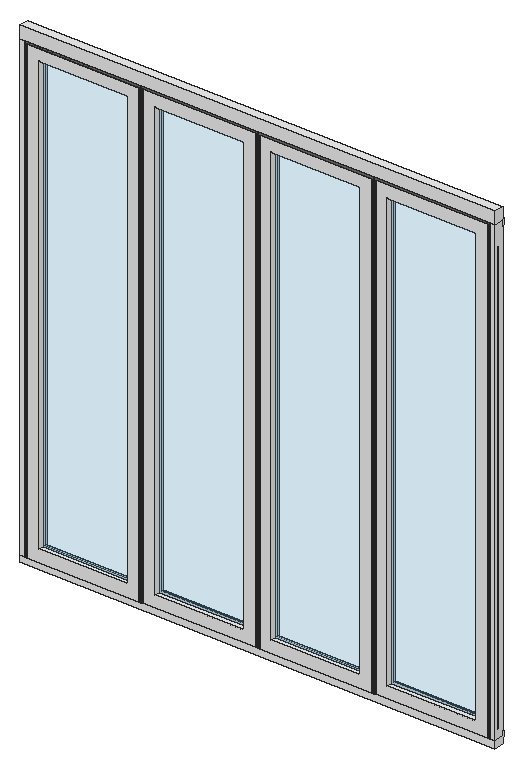
Revit family "98135", category Windows, host Wall, Revit 2018 (continued)
Definition of nested family "Right-Jamb_SL-60"
  Forms (in)
    Extrusion 2, solid, material <- "Right Jamb"
      sketch origin (0, 0, 0) x (1, 0, 0) y (0, 1, 0)
        loop
          arc (-4.78888, 1.35942) -> (-4.80129, 1.37278) -> (-4.81488, 1.38494) r 0.19685
          arc (-4.81488, 1.38494) -> (-4.83115, 1.39686) -> (-4.84856, 1.40705) r 0.19685
          arc (-4.84856, 1.40705) -> (-4.87214, 1.41737) -> (-4.89687, 1.42454) r 0.19685
          arc (-4.89687, 1.42454) -> (-4.91789, 1.42798) -> (-4.93916, 1.42913) r 0.19685
          line (-4.93916, 1.42913) -> (-5.96349, 1.42913)
          arc (-5.96349, 1.42913) -> (-5.99549, 1.42696) -> (-6.0269, 1.42046) r 0.23622
          arc (-6.0269, 1.42046) -> (-6.06113, 1.40801) -> (-6.09304, 1.39044) r 0.23622
          arc (-6.09304, 1.39044) -> (-6.12102, 1.36894) -> (-6.14548, 1.34351) r 0.23622
          arc (-6.14548, 1.34351) -> (-6.16464, 1.31676) -> (-6.1799, 1.28761) r 0.23622
          arc (-6.1799, 1.28761) -> (-6.18801, 1.26634) -> (-6.19403, 1.24439) r 0.23622
          arc (-6.19403, 1.24439) -> (-6.19828, 1.21881) -> (-6.19971, 1.19291) r 0.23622
          arc (-6.19971, 1.19291) -> (-6.21124, 1.16507) -> (-6.23908, 1.15354) r 0.03937
          line (-6.23908, 1.15354) -> (-6.23908, 1.07293) -> (-6.11457, 1.07293) -> (-6.11457, 1.16929)
      from 1.03125 to 106.0625
  Cuts and joins
    joined: Sweep 1, Extrusion 2
  Lines and regions (in)
    Masking region 1
      outline origin (0, 0, 0) x (1, 0, 0) y (0, 1, 0)
        loop
          line (-7.30207, 1.15354) -> (-7.30207, -1.16929) -> (-6.11457, -1.16929) -> (-6.11457, 1.16929) -> (-4.74309, 1.16929) -> (-4.74309, 1.24978)
          arc (-4.74309, 1.24978) -> (-4.8063, 1.37753) -> (-4.93916, 1.42913) r 0.19685
          line (-4.93916, 1.42913) -> (-5.96349, 1.42913)
          arc (-5.96349, 1.42913) -> (-6.13052, 1.35995) -> (-6.19971, 1.19291) r 0.23622
          arc (-6.19971, 1.19291) -> (-6.21124, 1.16507) -> (-6.23908, 1.15354) r 0.03937
          line (-6.23908, 1.15354) -> (-7.30207, 1.15354)
  Dimensions and locks (in)
    "Height": plane 4 "Top" to level
    plane 4 "Top" to level = 107 31/128"
    locked: plane 4 "Top" to plane 5 at 1.17969
    locked: plane 6 to level at 1.03125
    aligned and locked: plane 5 to cut or joined group of Sweep 1, Extrusion 2
    aligned and locked: Extrusion 2 to plane 6
    aligned and locked: plane 1 "Center (Front/Back)" to nested 1
    aligned and locked: plane 3 "Center (Left/Right)" to nested 1
    aligned and locked: Masking region 1 sketch curve to plane 3 "Center (Left/Right)"
  Automatic sketch dimensions
    Sweep 1 sketch curve to level = 0"
    Sweep 1 sketch curve to plane 1 "Center (Front/Back)" = 0"
    Sweep 1 sketch curve to plane 4 "Top" = 0"
    plane 3 "Center (Left/Right)" to Extrusion 2 sketch curve = 1.06299"
    Extrusion 2 sketch curve to Extrusion 2 sketch curve = 0.03937"
    Extrusion 2 sketch curve to Extrusion 2 sketch curve = 0"  (x35)
    Extrusion 2 sketch curve to Extrusion 2 sketch curve = 0.12451"
    Extrusion 2 sketch curve to Extrusion 2 sketch curve = 0.15108"
    Extrusion 2 sketch curve to Extrusion 2 sketch curve = 1.02432"
    Extrusion 2 sketch curve to Extrusion 2 sketch curve = 0.19607"
    Extrusion 2 sketch curve to plane 1 "Center (Front/Back)" = 1.07293"
    Extrusion 2 sketch curve to Extrusion 2 sketch curve = 0.08061"
    Extrusion 2 sketch curve to plane 1 "Center (Front/Back)" = 1.16929"
    Extrusion 2 sketch curve to Extrusion 2 sketch curve = 0.19685"
    Extrusion 2 sketch curve to Extrusion 2 sketch curve = 0.01189"
    Extrusion 2 sketch curve to Extrusion 2 sketch curve = 0.01592"
    Extrusion 2 sketch curve to Extrusion 2 sketch curve = 0.01797"
    Extrusion 2 sketch curve to Extrusion 2 sketch curve = 0.026"
    Extrusion 2 sketch curve to Extrusion 2 sketch curve = 0.03368"
    Extrusion 2 sketch curve to Extrusion 2 sketch curve = 0.04229"
    Extrusion 2 sketch curve to Extrusion 2 sketch curve = 0.00568"
    Extrusion 2 sketch curve to Extrusion 2 sketch curve = 0.01414"
    Extrusion 2 sketch curve to Extrusion 2 sketch curve = 0.03442"
    Extrusion 2 sketch curve to Extrusion 2 sketch curve = 0.05244"
    Extrusion 2 sketch curve to Extrusion 2 sketch curve = 0.06342"
    plane 3 "Center (Left/Right)" to Masking region 1 sketch curve = 1.06299"
    Masking region 1 sketch curve to Masking region 1 sketch curve = 0.03937"
    Masking region 1 sketch curve to Masking region 1 sketch curve = 0"
    Masking region 1 sketch curve to Masking region 1 sketch curve = 0.08514"
    Masking region 1 sketch curve to Masking region 1 sketch curve = 0.15108"
    Masking region 1 sketch curve to Masking region 1 sketch curve = 1.02432"
    Masking region 1 sketch curve to Masking region 1 sketch curve = 0.19607"
    plane 1 "Center (Front/Back)" to Masking region 1 sketch curve = 1.16929"
    Masking region 1 sketch curve to plane 1 "Center (Front/Back)" = 1.15354"
    Masking region 1 sketch curve to Masking region 1 sketch curve = 0.19685"
    Masking region 1 sketch curve to Masking region 1 sketch curve = 0.08049"
  Nested families (in)
    nested 1: "Detailitem_RightJamb-SL60" at (-7.30207, 0, 0), type "Detailitem_RightJamb-SL60", detail levels fine
  Definition of nested family "Detailitem_RightJamb-SL60"
    Parameters
      SmartBIM Object Version = 1  # constant formula
      SmartBIM Object Created By = "Reed Construction Data"  # constant formula
      Half = yes
      Assembly Code = ""
      95 CSI = ""
      04 CSI = ""
    Reference planes (in)
      plane 1 "Center (Front/Back)": y = 0
      plane 2: z = 0
      plane 3 "Center (Left/Right)": x = 0
    Lines and regions (in)
      model lines, in view "Ref. Level", visible <- "Half"
        curve 1: arc (3.94042, -0.43307, 0) -> (3.93696, -0.42472, 0) -> (3.92861, -0.42126, 0) r 0.01181
        curve 2: arc (4.23176, -0.42126, 0) -> (4.22341, -0.42472, 0) -> (4.21995, -0.43307, 0) r 0.01181
        curve 3: arc (4.25145, -0.64961, 0) -> (4.23991, -0.62177, 0) -> (4.21208, -0.61024, 0) r 0.03937
        curve 4: arc (3.84593, -0.57087, 0) -> (3.85747, -0.5987, 0) -> (3.8853, -0.61024, 0) r 0.03937
        curve 5: arc (3.46457, -1.14961, 0) -> (3.47638, -1.12598, 0) -> (3.46457, -1.10236, 0) r 0.02953
        curve 6: arc (3.24409, -0.95276, 0) -> (3.25563, -0.98059, 0) -> (3.28346, -0.99213, 0) r 0.03937
        curve 7: arc (3.24409, -0.9311, 0) -> (3.2126, -0.89961, 0) -> (3.1811, -0.9311, 0) r 0.0315
        curve 8: arc (3.1811, -0.9685, 0) -> (3.20416, -1.02418, 0) -> (3.25984, -1.04724, 0) r 0.07874
        curve 9: arc (3.41367, -1.09083, 0) -> (3.42644, -1.09937, 0) -> (3.4415, -1.10236, 0) r 0.03937
        curve 10: arc (4.21208, -1.10236, 0) -> (4.23991, -1.09083, 0) -> (4.25145, -1.06299, 0) r 0.03937
        curve 11: arc (2.41142, 0.28127, 0) -> (2.40421, 0.27407, 0) -> (2.40157, 0.26423, 0) r 0.01969
        curve 12: arc (2.48327, 0.47244, 0) -> (2.4777, 0.47013, 0) -> (2.47539, 0.46457, 0) r 0.00787
        curve 13: arc (2.64272, 0.46457, 0) -> (2.64041, 0.47013, 0) -> (2.63484, 0.47244, 0) r 0.00787
        curve 14: arc (2.57874, 0.29321, 0) -> (2.59315, 0.30762, 0) -> (2.59843, 0.3273, 0) r 0.03937
        curve 15: arc (2.59843, -0.3273, 0) -> (2.59315, -0.30762, 0) -> (2.57874, -0.29321, 0) r 0.03937
        curve 16: arc (2.63484, -0.47244, 0) -> (2.64041, -0.47013, 0) -> (2.64272, -0.46457, 0) r 0.00787
        curve 17: arc (2.47539, -0.46457, 0) -> (2.4777, -0.47013, 0) -> (2.48327, -0.47244, 0) r 0.00787
        curve 18: arc (2.40157, -0.26423, 0) -> (2.40421, -0.27407, 0) -> (2.41142, -0.28127, 0) r 0.01969
        curve 19: arc (2.51969, -0.35685, 0) -> (2.51705, -0.34701, 0) -> (2.50984, -0.3398, 0) r 0.01969
        curve 20: arc (2.50984, 0.3398, 0) -> (2.51705, 0.34701, 0) -> (2.51969, 0.35685, 0) r 0.01969
        curve 21: arc (2.49311, 0.24377, 0) -> (2.4787, 0.22936, 0) -> (2.47343, 0.20967, 0) r 0.03937
        curve 22: arc (2.47343, -0.20967, 0) -> (2.4787, -0.22936, 0) -> (2.49311, -0.24377, 0) r 0.03937
        curve 23: arc (2.46168, -0.46063, 0) -> (2.46168, -0.4685, 0) -> (2.4685, -0.47244, 0) r 0.00787
        curve 24: arc (2.51624, -0.36614, 0) -> (2.51669, -0.35919, 0) -> (2.51146, -0.3546, 0) r 0.00787
        curve 25: arc (2.42635, -0.3318, 0) -> (2.40928, -0.33519, 0) -> (2.40157, -0.35081, 0) r 0.01969
        curve 26: arc (3.46457, -0.35081, 0) -> (3.45687, -0.33519, 0) -> (3.43979, -0.3318, 0) r 0.01969
        curve 27: arc (3.35469, -0.3546, 0) -> (3.34945, -0.35919, 0) -> (3.3499, -0.36614, 0) r 0.00787
        curve 28: arc (3.39764, -0.47244, 0) -> (3.40446, -0.4685, 0) -> (3.40446, -0.46063, 0) r 0.00787
        curve 29: arc (3.20972, -0.46063, 0) -> (3.20972, -0.4685, 0) -> (3.21654, -0.47244, 0) r 0.00787
        curve 30: arc (3.26427, -0.36614, 0) -> (3.26427, -0.35827, 0) -> (3.25745, -0.35433, 0) r 0.00787
        curve 31: arc (3.2029, -0.35433, 0) -> (3.18321, -0.35961, 0) -> (3.1688, -0.37402, 0) r 0.03937
        curve 32: arc (2.69734, -0.37402, 0) -> (2.68293, -0.35961, 0) -> (2.66324, -0.35433, 0) r 0.03937
        curve 33: arc (2.60869, -0.35433, 0) -> (2.60187, -0.35827, 0) -> (2.60187, -0.36614, 0) r 0.00787
        curve 34: arc (2.64961, -0.47244, 0) -> (2.65643, -0.4685, 0) -> (2.65643, -0.46063, 0) r 0.00787
        curve 35: arc (2.66324, 0.35433, 0) -> (2.68293, 0.35961, 0) -> (2.69734, 0.37402, 0) r 0.03937
        curve 36: arc (2.60187, 0.36614, 0) -> (2.60187, 0.35827, 0) -> (2.60869, 0.35433, 0) r 0.00787
        curve 37: arc (2.65643, 0.46063, 0) -> (2.65643, 0.4685, 0) -> (2.64961, 0.47244, 0) r 0.00787
        curve 38: arc (2.4685, 0.47244, 0) -> (2.46168, 0.4685, 0) -> (2.46168, 0.46063, 0) r 0.00787
        curve 39: arc (2.51146, 0.3546, 0) -> (2.51669, 0.35919, 0) -> (2.51624, 0.36614, 0) r 0.00787
        curve 40: arc (2.40157, 0.35081, 0) -> (2.40928, 0.33519, 0) -> (2.42635, 0.3318, 0) r 0.01969
        curve 41: arc (3.43979, 0.3318, 0) -> (3.45687, 0.33519, 0) -> (3.46457, 0.35081, 0) r 0.01969
        curve 42: arc (3.3499, 0.36614, 0) -> (3.34945, 0.35919, 0) -> (3.35469, 0.3546, 0) r 0.00787
        curve 43: arc (3.40446, 0.46063, 0) -> (3.40446, 0.4685, 0) -> (3.39764, 0.47244, 0) r 0.00787
        curve 44: arc (3.21654, 0.47244, 0) -> (3.20972, 0.4685, 0) -> (3.20972, 0.46063, 0) r 0.00787
        curve 45: arc (3.25745, 0.35433, 0) -> (3.26427, 0.35827, 0) -> (3.26427, 0.36614, 0) r 0.00787
        curve 46: arc (3.1688, 0.37402, 0) -> (3.18321, 0.35961, 0) -> (3.2029, 0.35433, 0) r 0.03937
        curve 47: arc (3.3563, -0.3398, 0) -> (3.34909, -0.34701, 0) -> (3.34646, -0.35685, 0) r 0.01969
        curve 48: arc (3.34646, 0.35685, 0) -> (3.34909, 0.34701, 0) -> (3.3563, 0.3398, 0) r 0.01969
        curve 49: arc (3.39272, 0.20967, 0) -> (3.38744, 0.22936, 0) -> (3.37303, 0.24377, 0) r 0.03937
        curve 50: arc (3.37303, -0.24377, 0) -> (3.38744, -0.22936, 0) -> (3.39272, -0.20967, 0) r 0.03937
        curve 51: arc (3.39075, 0.46457, 0) -> (3.38844, 0.47013, 0) -> (3.38287, 0.47244, 0) r 0.00787
        curve 52: arc (3.2313, 0.47244, 0) -> (3.22573, 0.47013, 0) -> (3.22343, 0.46457, 0) r 0.00787
        curve 53: arc (3.26772, 0.3273, 0) -> (3.27299, 0.30762, 0) -> (3.2874, 0.29321, 0) r 0.03937
        curve 54: arc (3.2874, -0.29321, 0) -> (3.27299, -0.30762, 0) -> (3.26772, -0.3273, 0) r 0.03937
        curve 55: arc (3.22343, -0.46457, 0) -> (3.22573, -0.47013, 0) -> (3.2313, -0.47244, 0) r 0.00787
        curve 56: arc (3.38287, -0.47244, 0) -> (3.38844, -0.47013, 0) -> (3.39075, -0.46457, 0) r 0.00787
        curve 57: arc (3.46457, 0.26423, 0) -> (3.46193, 0.27407, 0) -> (3.45472, 0.28127, 0) r 0.01969
        curve 58: arc (3.45472, -0.28127, 0) -> (3.46193, -0.27407, 0) -> (3.46457, -0.26423, 0) r 0.01969
        curve 109: arc (2.4685, 0.65748, 0) -> (2.42371, 0.77819, 0) -> (2.31102, 0.84046, 0) r 0.18504
        curve 110: arc (4.2042, 1.00394, 0) -> (4.20766, 0.99559, 0) -> (4.21601, 0.99213, 0) r 0.01181
        curve 111: arc (3.91286, 0.99213, 0) -> (3.92121, 0.99559, 0) -> (3.92467, 1.00394, 0) r 0.01181
        curve 112: arc (3.83019, 1.0315, 0) -> (3.84172, 1.00366, 0) -> (3.86956, 0.99213, 0) r 0.03937
        curve 113: arc (3.46457, 0.83858, 0) -> (3.46228, 0.85592, 0) -> (3.45558, 0.87208, 0) r 0.06693
        curve 114: arc (3.43979, 0.3318, 0) -> (3.45687, 0.33519, 0) -> (3.46457, 0.35081, 0) r 0.01969
        curve 115: arc (3.3499, 0.36614, 0) -> (3.34945, 0.35919, 0) -> (3.35469, 0.3546, 0) r 0.00787
        curve 116: arc (3.40446, 0.46063, 0) -> (3.40446, 0.4685, 0) -> (3.39764, 0.47244, 0) r 0.00787
        curve 117: arc (3.21654, 0.47244, 0) -> (3.20972, 0.4685, 0) -> (3.20972, 0.46063, 0) r 0.00787
        curve 118: arc (3.25745, 0.35433, 0) -> (3.26427, 0.35827, 0) -> (3.26427, 0.36614, 0) r 0.00787
        curve 119: arc (3.1688, 0.37402, 0) -> (3.18321, 0.35961, 0) -> (3.2029, 0.35433, 0) r 0.03937
        curve 120: arc (2.66324, 0.35433, 0) -> (2.68293, 0.35961, 0) -> (2.69734, 0.37402, 0) r 0.03937
        curve 121: arc (2.60187, 0.36614, 0) -> (2.60187, 0.35827, 0) -> (2.60869, 0.35433, 0) r 0.00787
        curve 122: arc (2.65643, 0.46063, 0) -> (2.65643, 0.4685, 0) -> (2.64961, 0.47244, 0) r 0.00787
        curve 123: arc (2.4685, 0.47244, 0) -> (2.46168, 0.4685, 0) -> (2.46168, 0.46063, 0) r 0.00787
        curve 124: arc (2.51146, 0.3546, 0) -> (2.51669, 0.35919, 0) -> (2.51624, 0.36614, 0) r 0.00787
        curve 125: arc (2.40157, 0.35081, 0) -> (2.40928, 0.33519, 0) -> (2.42635, 0.3318, 0) r 0.01969
        curve 126: arc (2.40157, 0.65748, 0) -> (2.36698, 0.741, 0) -> (2.28346, 0.77559, 0) r 0.11811
        curve 127: arc (1.88976, 0.83465, 0) -> (1.89859, 0.8098, 0) -> (1.92111, 0.7961, 0) r 0.03937
        curve 128: arc (1.90945, 0.8937, 0) -> (1.89553, 0.88794, 0) -> (1.88976, 0.87402, 0) r 0.01969
        curve 129: arc (2.01969, 0.86024, 0) -> (2.01392, 0.87416, 0) -> (2, 0.87992, 0) r 0.01969
        curve 130: arc (2, 1.08465, 0) -> (2.01392, 1.09041, 0) -> (2.01969, 1.10433, 0) r 0.01969
        curve 131: arc (1.88976, 1.09055, 0) -> (1.89553, 1.07663, 0) -> (1.90945, 1.07087, 0) r 0.01969
        curve 132: arc (3.20866, -0.83071, 0) -> (3.1335, -0.86184, 0) -> (3.10236, -0.93701, 0) r 0.1063
        curve 133: arc (2.31102, -0.84252, 0) -> (2.42492, -0.78068, 0) -> (2.47031, -0.65928, 0) r 0.18504
        curve 134: arc (3.422, -0.89305, 0) -> (3.45291, -0.86845, 0) -> (3.46457, -0.83071, 0) r 0.06693
        curve 135: arc (3.46457, -0.35081, 0) -> (3.45687, -0.33519, 0) -> (3.43979, -0.3318, 0) r 0.01969
        curve 136: arc (3.35469, -0.3546, 0) -> (3.34945, -0.35919, 0) -> (3.3499, -0.36614, 0) r 0.00787
        curve 137: arc (3.39764, -0.47244, 0) -> (3.40446, -0.4685, 0) -> (3.40446, -0.46063, 0) r 0.00787
        curve 138: arc (3.20972, -0.46063, 0) -> (3.20972, -0.4685, 0) -> (3.21654, -0.47244, 0) r 0.00787
        curve 139: arc (3.26427, -0.36614, 0) -> (3.26427, -0.35827, 0) -> (3.25745, -0.35433, 0) r 0.00787
        curve 140: arc (3.2029, -0.35433, 0) -> (3.18321, -0.35961, 0) -> (3.1688, -0.37402, 0) r 0.03937
        curve 141: arc (2.69734, -0.37402, 0) -> (2.68293, -0.35961, 0) -> (2.66324, -0.35433, 0) r 0.03937
        curve 142: arc (2.60869, -0.35433, 0) -> (2.60187, -0.35827, 0) -> (2.60187, -0.36614, 0) r 0.00787
        curve 143: arc (2.64961, -0.47244, 0) -> (2.65643, -0.4685, 0) -> (2.65643, -0.46063, 0) r 0.00787
        curve 144: arc (2.46168, -0.46063, 0) -> (2.46168, -0.4685, 0) -> (2.4685, -0.47244, 0) r 0.00787
        curve 145: arc (2.51624, -0.36614, 0) -> (2.51669, -0.35919, 0) -> (2.51146, -0.3546, 0) r 0.00787
        curve 146: arc (2.42635, -0.3318, 0) -> (2.40928, -0.33519, 0) -> (2.40157, -0.35081, 0) r 0.01969
        curve 147: arc (2.28527, -0.77559, 0) -> (2.36751, -0.74152, 0) -> (2.40157, -0.65928, 0) r 0.11631
        curve 148: arc (1.92111, -0.7961, 0) -> (1.89859, -0.8098, 0) -> (1.88976, -0.83465, 0) r 0.03937
        curve 149: arc (1.88976, -0.87402, 0) -> (1.89553, -0.88794, 0) -> (1.90945, -0.8937, 0) r 0.01969
        curve 150: arc (2, -0.87992, 0) -> (2.01392, -0.87416, 0) -> (2.01969, -0.86024, 0) r 0.01969
        curve 151: arc (2.01969, -1.10433, 0) -> (2.01392, -1.09041, 0) -> (2, -1.08465, 0) r 0.01969
        curve 152: arc (1.90945, -1.07087, 0) -> (1.89553, -1.07663, 0) -> (1.88976, -1.09055, 0) r 0.01969
        curve 153: arc (3.46457, -1.12205, 0) -> (3.4588, -1.10813, 0) -> (3.44488, -1.10236, 0) r 0.01969
        curve 154: arc (3.16929, -0.99901, 0) -> (3.24166, -1.07456, 0) -> (3.34252, -1.10236, 0) r 0.19685
        curve 155: arc (3.20866, -0.89764, 0) -> (3.18082, -0.90917, 0) -> (3.16929, -0.93701, 0) r 0.03937
        curve 156: arc (3.25591, -0.92913, 0) -> (3.26449, -0.94539, 0) -> (3.28276, -0.94747, 0) r 0.01969
        curve 211: line (4.31837, -0.42126, 0) -> (4.31837, -1.16929, 0)
        curve 212: line (4.31837, -1.16929, 0) -> (4.31837, -0.42126, 0)
        curve 213: line (4.31837, -0.42126, 0) -> (4.23176, -0.42126, 0)
        curve 214: line (4.25145, -0.64961, 0) -> (4.25145, -1.06299, 0)
        curve 215: line (3.92861, -0.42126, 0) -> (3.84593, -0.42126, 0)
        curve 216: line (3.84593, -0.42126, 0) -> (3.84593, -0.57087, 0)
        curve 217: line (3.94042, -0.43307, 0) -> (3.94042, -0.46063, 0)
        curve 218: line (3.94042, -0.46063, 0) -> (3.90105, -0.46063, 0)
        curve 219: line (3.90105, -0.46063, 0) -> (3.90105, -0.55118, 0)
        curve 220: line (3.90105, -0.55118, 0) -> (4.25932, -0.55118, 0)
        curve 221: line (4.25932, -0.55118, 0) -> (4.25932, -0.46063, 0)
        curve 222: line (4.25932, -0.46063, 0) -> (4.21995, -0.46063, 0)
        curve 223: line (4.21995, -0.46063, 0) -> (4.21995, -0.43307, 0)
        curve 224: line (3.8853, -0.61024, 0) -> (4.21208, -0.61024, 0)
        curve 225: line (3.46457, -1.14961, 0) -> (3.46457, -1.16929, 0)
        curve 226: line (3.46457, -1.16929, 0) -> (4.31837, -1.16929, 0)
        curve 227: line (3.25984, -1.04724, 0) -> (3.37008, -1.04724, 0)
        curve 228: line (3.37008, -1.04724, 0) -> (3.41367, -1.09083, 0)
        curve 229: line (4.21208, -1.10236, 0) -> (3.54331, -1.10236, 0)
        curve 230: line (3.54331, -1.10236, 0) -> (3.48819, -1.04724, 0)
        curve 231: line (3.48819, -1.04724, 0) -> (3.44803, -1.04724, 0)
        curve 232: line (3.44803, -1.04724, 0) -> (3.39291, -0.99213, 0)
        curve 233: line (3.39291, -0.99213, 0) -> (3.28346, -0.99213, 0)
        curve 234: line (3.1811, -0.9311, 0) -> (3.1811, -0.9685, 0)
        curve 235: line (3.24409, -0.95276, 0) -> (3.24409, -0.9311, 0)
        curve 236: line (3.4415, -1.10236, 0) -> (3.46457, -1.10236, 0)
        curve 237: line (2.40157, -0.26423, 0) -> (2.40157, 0.26423, 0)
        curve 238: line (2.47343, 0.20967, 0) -> (2.47343, -0.20967, 0)
        curve 239: line (2.47539, -0.46457, 0) -> (2.47539, -0.44331, 0)
        curve 240: line (2.47539, -0.44331, 0) -> (2.51969, -0.36659, 0)
        curve 241: line (2.51969, -0.36659, 0) -> (2.51969, -0.35685, 0)
        curve 242: line (2.51969, 0.35685, 0) -> (2.51969, 0.36659, 0)
        curve 243: line (2.51969, 0.36659, 0) -> (2.47539, 0.44331, 0)
        curve 244: line (2.47539, 0.44331, 0) -> (2.47539, 0.46457, 0)
        curve 245: line (2.64272, 0.46457, 0) -> (2.64272, 0.44331, 0)
        curve 246: line (2.64272, 0.44331, 0) -> (2.59843, 0.36659, 0)
        curve 247: line (2.59843, 0.36659, 0) -> (2.59843, 0.3273, 0)
        curve 248: line (2.41142, 0.28127, 0) -> (2.50984, 0.3398, 0)
        curve 249: line (2.48327, 0.47244, 0) -> (2.63484, 0.47244, 0)
        curve 250: line (2.57874, 0.29321, 0) -> (2.49311, 0.24377, 0)
        curve 251: line (2.59843, -0.3273, 0) -> (2.59843, -0.36659, 0)
        curve 252: line (2.59843, -0.36659, 0) -> (2.64272, -0.44331, 0)
        curve 253: line (2.64272, -0.44331, 0) -> (2.64272, -0.46457, 0)
        curve 254: line (2.63484, -0.47244, 0) -> (2.48327, -0.47244, 0)
        curve 255: line (2.49311, -0.24377, 0) -> (2.57874, -0.29321, 0)
        curve 256: line (2.50984, -0.3398, 0) -> (2.41142, -0.28127, 0)
        curve 257: line (2.51624, -0.36614, 0) -> (2.46168, -0.46063, 0)
        curve 258: line (2.46168, -0.46063, 0) -> (2.51624, -0.36614, 0)
        curve 259: line (3.40446, -0.46063, 0) -> (3.3499, -0.36614, 0)
        curve 260: line (3.3499, -0.36614, 0) -> (3.40446, -0.46063, 0)
        curve 261: line (2.69734, -0.37402, 0) -> (2.75417, -0.47244, 0)
        curve 262: line (2.75417, -0.47244, 0) -> (3.11198, -0.47244, 0)
        curve 263: line (3.11198, -0.47244, 0) -> (3.1688, -0.37402, 0)
        curve 264: line (3.1688, -0.37402, 0) -> (3.11198, -0.47244, 0)
        curve 265: line (3.11198, -0.47244, 0) -> (2.75417, -0.47244, 0)
        curve 266: line (2.75417, -0.47244, 0) -> (2.69734, -0.37402, 0)
        curve 267: line (3.2029, -0.35433, 0) -> (3.25745, -0.35433, 0)
        curve 268: line (3.25745, -0.35433, 0) -> (3.2029, -0.35433, 0)
        curve 269: line (2.60869, -0.35433, 0) -> (2.66324, -0.35433, 0)
        curve 270: line (2.66324, -0.35433, 0) -> (2.60869, -0.35433, 0)
        curve 271: line (3.26427, -0.36614, 0) -> (3.20972, -0.46063, 0)
        curve 272: line (3.20972, -0.46063, 0) -> (3.26427, -0.36614, 0)
        curve 273: line (3.35469, -0.3546, 0) -> (3.43979, -0.3318, 0)
        curve 274: line (3.43979, -0.3318, 0) -> (3.35469, -0.3546, 0)
        curve 275: line (3.21654, -0.47244, 0) -> (3.39764, -0.47244, 0)
        curve 276: line (3.39764, -0.47244, 0) -> (3.21654, -0.47244, 0)
        curve 277: line (2.4685, -0.47244, 0) -> (2.64961, -0.47244, 0)
        curve 278: line (2.64961, -0.47244, 0) -> (2.4685, -0.47244, 0)
        curve 279: line (2.42635, -0.3318, 0) -> (2.51146, -0.3546, 0)
        curve 280: line (2.51146, -0.3546, 0) -> (2.42635, -0.3318, 0)
        curve 281: line (2.65643, -0.46063, 0) -> (2.60187, -0.36614, 0)
        curve 282: line (2.60187, -0.36614, 0) -> (2.65643, -0.46063, 0)
        curve 283: line (2.40157, 0.65748, 0) -> (2.40157, 0.35081, 0)
        curve 284: line (2.40157, 0.35081, 0) -> (2.40157, 0.65748, 0)
        curve 285: line (2.65643, 0.46063, 0) -> (2.60187, 0.36614, 0)
        curve 286: line (2.60187, 0.36614, 0) -> (2.65643, 0.46063, 0)
        curve 287: line (3.21654, 0.47244, 0) -> (3.39764, 0.47244, 0)
        curve 288: line (3.39764, 0.47244, 0) -> (3.21654, 0.47244, 0)
        curve 289: line (2.69734, 0.37402, 0) -> (2.75417, 0.47244, 0)
        curve 290: line (2.75417, 0.47244, 0) -> (3.11198, 0.47244, 0)
        curve 291: line (3.11198, 0.47244, 0) -> (3.1688, 0.37402, 0)
        curve 292: line (3.1688, 0.37402, 0) -> (3.11198, 0.47244, 0)
        curve 293: line (3.11198, 0.47244, 0) -> (2.75417, 0.47244, 0)
        curve 294: line (2.75417, 0.47244, 0) -> (2.69734, 0.37402, 0)
        curve 295: line (2.4685, 0.47244, 0) -> (2.64961, 0.47244, 0)
        curve 296: line (2.64961, 0.47244, 0) -> (2.4685, 0.47244, 0)
        curve 297: line (2.42635, 0.3318, 0) -> (2.51146, 0.3546, 0)
        curve 298: line (2.51146, 0.3546, 0) -> (2.42635, 0.3318, 0)
        curve 299: line (3.2029, 0.35433, 0) -> (3.25745, 0.35433, 0)
        curve 300: line (3.25745, 0.35433, 0) -> (3.2029, 0.35433, 0)
        curve 301: line (2.60869, 0.35433, 0) -> (2.66324, 0.35433, 0)
        curve 302: line (2.66324, 0.35433, 0) -> (2.60869, 0.35433, 0)
        curve 303: line (3.35469, 0.3546, 0) -> (3.43979, 0.3318, 0)
        curve 304: line (3.43979, 0.3318, 0) -> (3.35469, 0.3546, 0)
        curve 305: line (3.26427, 0.36614, 0) -> (3.20972, 0.46063, 0)
        curve 306: line (3.20972, 0.46063, 0) -> (3.26427, 0.36614, 0)
        curve 307: line (3.40446, 0.46063, 0) -> (3.3499, 0.36614, 0)
        curve 308: line (3.3499, 0.36614, 0) -> (3.40446, 0.46063, 0)
        curve 309: line (2.51624, 0.36614, 0) -> (2.46168, 0.46063, 0)
        curve 310: line (2.46168, 0.46063, 0) -> (2.51624, 0.36614, 0)
        curve 311: line (3.38287, 0.47244, 0) -> (3.2313, 0.47244, 0)
        curve 312: line (3.45472, 0.28127, 0) -> (3.3563, 0.3398, 0)
        curve 313: line (3.2874, 0.29321, 0) -> (3.37303, 0.24377, 0)
        curve 314: line (3.22343, 0.46457, 0) -> (3.22343, 0.44331, 0)
        curve 315: line (3.22343, 0.44331, 0) -> (3.26772, 0.36659, 0)
        curve 316: line (3.26772, 0.36659, 0) -> (3.26772, 0.3273, 0)
        curve 317: line (3.39075, -0.46457, 0) -> (3.39075, -0.44331, 0)
        curve 318: line (3.39075, -0.44331, 0) -> (3.34646, -0.36659, 0)
        curve 319: line (3.34646, -0.36659, 0) -> (3.34646, -0.35685, 0)
        curve 320: line (3.34646, 0.35685, 0) -> (3.34646, 0.36659, 0)
        curve 321: line (3.34646, 0.36659, 0) -> (3.39075, 0.44331, 0)
        curve 322: line (3.39075, 0.44331, 0) -> (3.39075, 0.46457, 0)
        curve 323: line (3.26772, -0.3273, 0) -> (3.26772, -0.36659, 0)
        curve 324: line (3.26772, -0.36659, 0) -> (3.22343, -0.44331, 0)
        curve 325: line (3.22343, -0.44331, 0) -> (3.22343, -0.46457, 0)
        curve 326: line (3.39272, 0.20967, 0) -> (3.39272, -0.20967, 0)
        curve 327: line (3.46457, -0.26423, 0) -> (3.46457, 0.26423, 0)
        curve 328: line (3.37303, -0.24377, 0) -> (3.2874, -0.29321, 0)
        curve 329: line (3.3563, -0.3398, 0) -> (3.45472, -0.28127, 0)
        curve 330: line (3.2313, -0.47244, 0) -> (3.38287, -0.47244, 0)
        curve 433: line (3.39764, 0.55118, 0) -> (2.4685, 0.55118, 0)
        curve 434: line (2.4685, 0.55118, 0) -> (2.4685, 0.65748, 0)
        curve 435: line (2.4685, 0.65748, 0) -> (2.4685, 0.55118, 0)
        curve 436: line (2.4685, 0.55118, 0) -> (3.39764, 0.55118, 0)
        curve 437: line (3.39764, 0.55118, 0) -> (3.39764, 0.83858, 0)
        curve 438: line (3.39764, 0.83858, 0) -> (3.3189, 0.9748, 0)
        curve 439: line (3.3189, 0.9748, 0) -> (3.3189, 1.09843, 0)
        curve 440: line (3.3189, 1.09843, 0) -> (2.15354, 1.09843, 0)
        curve 441: line (2.15354, 1.09843, 0) -> (2.15354, 0.84252, 0)
        curve 442: line (2.15354, 0.84252, 0) -> (2.23228, 0.84252, 0)
        curve 443: line (2.23228, 0.84252, 0) -> (2.23228, 0.8622, 0)
        curve 444: line (2.23228, 0.8622, 0) -> (2.31102, 0.8622, 0)
        curve 445: line (2.31102, 0.8622, 0) -> (2.31102, 0.84046, 0)
        curve 446: line (4.2042, 1.00394, 0) -> (4.2042, 1.0315, 0)
        curve 447: line (4.2042, 1.0315, 0) -> (4.24357, 1.0315, 0)
        curve 448: line (4.24357, 1.0315, 0) -> (4.24357, 1.11024, 0)
        curve 449: line (4.24357, 1.11024, 0) -> (3.8853, 1.11024, 0)
        curve 450: line (3.8853, 1.11024, 0) -> (3.8853, 1.0315, 0)
        curve 451: line (3.8853, 1.0315, 0) -> (3.92467, 1.0315, 0)
        curve 452: line (3.92467, 1.0315, 0) -> (3.92467, 1.00394, 0)
        curve 453: line (3.91286, 0.99213, 0) -> (3.86956, 0.99213, 0)
        curve 454: line (3.83019, 1.0315, 0) -> (3.83019, 1.09843, 0)
        curve 455: line (3.83019, 1.09843, 0) -> (3.38583, 1.09843, 0)
        curve 456: line (3.38583, 1.09843, 0) -> (3.38583, 0.99276, 0)
        curve 457: line (3.38583, 0.99276, 0) -> (3.45558, 0.87208, 0)
        curve 458: line (3.46457, 0.83858, 0) -> (3.46457, 0.35081, 0)
        curve 459: line (2.28346, 0.77559, 0) -> (2.01969, 0.77559, 0)
        curve 460: line (2.01969, 0.77559, 0) -> (1.92111, 0.7961, 0)
        curve 461: line (1.88976, 0.83465, 0) -> (1.88976, 0.87402, 0)
        curve 462: line (1.90945, 0.8937, 0) -> (1.92913, 0.8937, 0)
        curve 463: line (1.92913, 0.8937, 0) -> (1.92913, 0.83465, 0)
        curve 464: line (1.92913, 0.83465, 0) -> (1.98031, 0.83465, 0)
        curve 465: line (1.98031, 0.83465, 0) -> (1.98031, 0.87992, 0)
        curve 466: line (1.98031, 0.87992, 0) -> (2, 0.87992, 0)
        curve 467: line (2.01969, 0.86024, 0) -> (2.01969, 0.83465, 0)
        curve 468: line (2.01969, 0.83465, 0) -> (2.08661, 0.83465, 0)
        curve 469: line (2.08661, 0.83465, 0) -> (2.08661, 1.11024, 0)
        curve 470: line (2.08661, 1.11024, 0) -> (2.01969, 1.11024, 0)
        curve 471: line (2, 1.08465, 0) -> (1.98031, 1.08465, 0)
        curve 472: line (1.98031, 1.08465, 0) -> (1.98031, 1.12992, 0)
        curve 473: line (1.98031, 1.12992, 0) -> (1.92913, 1.12992, 0)
        curve 474: line (1.92913, 1.12992, 0) -> (1.92913, 1.07087, 0)
        curve 475: line (1.92913, 1.07087, 0) -> (1.90945, 1.07087, 0)
        curve 476: line (1.88976, 1.09055, 0) -> (1.88976, 1.16929, 0)
        curve 477: line (1.88976, 1.16929, 0) -> (4.30263, 1.16929, 0)
        curve 478: line (4.30263, 1.16929, 0) -> (4.30263, 0.99213, 0)
        curve 479: line (4.30263, 0.99213, 0) -> (4.21601, 0.99213, 0)
        curve 480: line (3.10236, -0.93701, 0) -> (3.10236, -1.09843, 0)
        curve 481: line (3.10236, -1.09843, 0) -> (2.15354, -1.09843, 0)
        curve 482: line (2.15354, -1.09843, 0) -> (2.15354, -0.84252, 0)
        curve 483: line (2.15354, -0.84252, 0) -> (2.23228, -0.84252, 0)
        curve 484: line (2.23228, -0.84252, 0) -> (2.23228, -0.8622, 0)
        curve 485: line (2.23228, -0.8622, 0) -> (2.31102, -0.8622, 0)
        curve 486: line (2.31102, -0.8622, 0) -> (2.31102, -0.84252, 0)
        curve 487: line (2.47031, -0.65928, 0) -> (2.47031, -0.55118, 0)
        curve 488: line (2.47031, -0.55118, 0) -> (3.39764, -0.55118, 0)
        curve 489: line (3.39764, -0.55118, 0) -> (3.39764, -0.83071, 0)
        curve 490: line (3.39764, -0.83071, 0) -> (3.20866, -0.83071, 0)
        curve 491: line (3.28276, -0.94747, 0) -> (3.422, -0.89305, 0)
        curve 492: line (3.46457, -0.83071, 0) -> (3.46457, -0.35081, 0)
        curve 493: line (2.40157, -0.35081, 0) -> (2.40157, -0.65928, 0)
        curve 494: line (2.28527, -0.77559, 0) -> (2.01969, -0.77559, 0)
        curve 495: line (2.01969, -0.77559, 0) -> (1.92111, -0.7961, 0)
        curve 496: line (1.88976, -0.83465, 0) -> (1.88976, -0.87402, 0)
        curve 497: line (1.90945, -0.8937, 0) -> (1.92913, -0.8937, 0)
        curve 498: line (1.92913, -0.8937, 0) -> (1.92913, -0.83465, 0)
        curve 499: line (1.92913, -0.83465, 0) -> (1.98031, -0.83465, 0)
        curve 500: line (1.98031, -0.83465, 0) -> (1.98031, -0.87992, 0)
        curve 501: line (1.98031, -0.87992, 0) -> (2, -0.87992, 0)
        curve 502: line (2.01969, -0.86024, 0) -> (2.01969, -0.83465, 0)
        curve 503: line (2.01969, -0.83465, 0) -> (2.08661, -0.83465, 0)
        curve 504: line (2.08661, -0.83465, 0) -> (2.08661, -1.11024, 0)
        curve 505: line (2.08661, -1.11024, 0) -> (2.01969, -1.11024, 0)
        curve 506: line (2, -1.08465, 0) -> (1.98031, -1.08465, 0)
        curve 507: line (1.98031, -1.08465, 0) -> (1.98031, -1.12992, 0)
        curve 508: line (1.98031, -1.12992, 0) -> (1.92913, -1.12992, 0)
        curve 509: line (1.92913, -1.12992, 0) -> (1.92913, -1.07087, 0)
        curve 510: line (1.92913, -1.07087, 0) -> (1.90945, -1.07087, 0)
        curve 511: line (1.88976, -1.09055, 0) -> (1.88976, -1.16929, 0)
        curve 512: line (1.88976, -1.16929, 0) -> (3.46457, -1.16929, 0)
        curve 513: line (3.46457, -1.16929, 0) -> (3.46457, -1.12205, 0)
        curve 514: line (3.44488, -1.10236, 0) -> (3.34252, -1.10236, 0)
        curve 515: line (3.16929, -0.99901, 0) -> (3.16929, -0.93701, 0)
        curve 516: line (3.20866, -0.89764, 0) -> (3.25591, -0.89764, 0)
        curve 517: line (3.25591, -0.89764, 0) -> (3.25591, -0.92913, 0)
        curve 646: line (2.21068, -1.52205, 0) -> (2.19266, -1.47791, 0)
        curve 647: line (2.20479, -1.55615, 0) -> (2.21068, -1.52205, 0)
        curve 648: arc (1.68504, -1.22047, 0) -> (1.33442, -1.52365, 0) -> (1.5838, -1.91436, 0) r 0.35433
        curve 649: arc (1.75799, -1.92154, 0) -> (1.85379, -1.88637, 0) -> (1.93559, -1.82535, 0) r 0.35433
        curve 650: arc (1.73639, -1.92539, 0) -> (1.74062, -1.92475, 0) -> (1.74483, -1.92405, 0) r 0.35433
        curve 651: arc (1.65332, -1.92771, 0) -> (1.66133, -1.92834, 0) -> (1.66936, -1.92879, 0) r 0.35433
        curve 652: arc (1.84252, -1.22047, 0) -> (1.87036, -1.20894, 0) -> (1.88189, -1.1811, 0) r 0.03937
        curve 653: arc (1.37818, -1.75197, 0) -> (1.93559, -1.82535, 0) -> (1.8622, -1.26794, 0) r 0.35433
        curve 654: circle (1.68504, -1.5748, 0) r 0.15945 normal (0, 0, 1)
        curve 655: line (1.84252, -1.30204, 0) -> (1.8622, -1.27405, 0)
        curve 656: arc (1.48819, -1.18898, 0) -> (1.50211, -1.18321, 0) -> (1.50787, -1.16929, 0) r 0.01969
        curve 657: arc (1.08723, -1.18898, 0) -> (1.07018, -1.19882, 0) -> (1.07018, -1.2185, 0) r 0.01969
        curve 658: line (1.93559, -1.82535, 0) -> (2.59165, -1.16929, 0)
        curve 659: line (2.59165, -1.16929, 0) -> (1.88189, -1.16929, 0)
        curve 660: line (1.88189, -1.16929, 0) -> (1.88189, -1.1811, 0)
        curve 661: line (1.88189, -1.1811, 0) -> (2.19266, -1.47791, 0)
        curve 662: line (1.68504, -1.22047, 0) -> (1.84252, -1.22047, 0)
        curve 663: line (1.37818, -1.75197, 0) -> (1.07018, -1.2185, 0)
        curve 664: line (1.08723, -1.18898, 0) -> (1.48819, -1.18898, 0)
        curve 665: line (1.8622, -1.27405, 0) -> (1.8622, -1.16929, 0)
        curve 666: line (1.8622, -1.16929, 0) -> (1.50787, -1.16929, 0)
        curve 667: line (1.9626, -1.5748, 0) -> (1.40748, -1.5748, 0)
        curve 668: line (1.68504, -1.29724, 0) -> (1.68504, -1.85236, 0)
        curve 669: arc (1.29368, -1.09356, 0) -> (1.30472, -1.09821, 0) -> (1.31414, -1.09082, 0) r 0.01181
        curve 670: arc (1.31414, -0.87353, 0) -> (1.30472, -0.86614, 0) -> (1.29368, -0.87079, 0) r 0.01181
        curve 671: arc (1.65488, -1.08073, 0) -> (1.64296, -1.07275, 0) -> (1.63213, -1.08215, 0) r 0.01181
        curve 672: arc (1.63213, -0.8822, 0) -> (1.64296, -0.8916, 0) -> (1.65488, -0.88363, 0) r 0.01181
        curve 673: arc (1.68469, -1.07056, 0) -> (1.64099, -1.04132, 0) -> (1.60129, -1.07579, 0) r 0.04331
        curve 674: arc (1.60129, -0.88857, 0) -> (1.64099, -0.92304, 0) -> (1.68469, -0.89379, 0) r 0.04331
        curve 675: arc (1.72047, -1.16918, 0) -> (1.72882, -1.16573, 0) -> (1.73228, -1.15737, 0) r 0.01181
        curve 676: arc (1.68231, -1.16119, 0) -> (1.68662, -1.16698, 0) -> (1.69349, -1.16918, 0) r 0.01181
        curve 677: arc (1.76705, -0.99483, 0) -> (1.77165, -0.98218, 0) -> (1.76705, -0.96952, 0) r 0.01969
        curve 678: arc (1.73228, -0.80698, 0) -> (1.72882, -0.79863, 0) -> (1.72047, -0.79517, 0) r 0.01181
        curve 679: arc (1.69349, -0.79517, 0) -> (1.68662, -0.79738, 0) -> (1.68231, -0.80317, 0) r 0.01181
        curve 680: arc (1.42555, -0.89379, 0) -> (1.46924, -0.92304, 0) -> (1.50895, -0.88857, 0) r 0.04331
        curve 681: arc (1.4781, -1.08215, 0) -> (1.46727, -1.07275, 0) -> (1.45536, -1.08073, 0) r 0.01181
        curve 682: arc (1.50895, -1.07579, 0) -> (1.46924, -1.04132, 0) -> (1.42555, -1.07056, 0) r 0.04331
        curve 683: arc (1.60455, -1.16918, 0) -> (1.61201, -1.16653, 0) -> (1.61612, -1.15976, 0) r 0.01181
        curve 684: arc (1.49412, -1.15976, 0) -> (1.49823, -1.16653, 0) -> (1.50569, -1.16918, 0) r 0.01181
        curve 685: arc (1.41675, -1.16918, 0) -> (1.42362, -1.16698, 0) -> (1.42792, -1.16119, 0) r 0.01181
        curve 686: arc (1.37795, -1.15737, 0) -> (1.38141, -1.16573, 0) -> (1.38976, -1.16918, 0) r 0.01181
        curve 687: arc (1.33268, -1.05599, 0) -> (1.32941, -1.05568, 0) -> (1.32704, -1.05796, 0) r 0.00394
        curve 688: arc (1.32704, -0.9064, 0) -> (1.32941, -0.90868, 0) -> (1.33268, -0.90837, 0) r 0.00394
        curve 689: arc (1.33384, -1.01046, 0) -> (1.3549, -0.98218, 0) -> (1.33384, -0.95389, 0) r 0.02953
        curve 690: arc (1.45536, -0.88363, 0) -> (1.46727, -0.8916, 0) -> (1.4781, -0.8822, 0) r 0.01181
        curve 691: arc (1.61612, -0.80459, 0) -> (1.61201, -0.79782, 0) -> (1.60455, -0.79517, 0) r 0.01181
        curve 692: arc (1.50569, -0.79517, 0) -> (1.49823, -0.79782, 0) -> (1.49412, -0.80459, 0) r 0.01181
        curve 693: arc (1.42792, -0.80317, 0) -> (1.42362, -0.79738, 0) -> (1.41675, -0.79517, 0) r 0.01181
        curve 694: arc (1.38976, -0.79517, 0) -> (1.38141, -0.79863, 0) -> (1.37795, -0.80698, 0) r 0.01181
        curve 695: arc (1.29847, -0.9433, 0) -> (1.29137, -0.94341, 0) -> (1.28561, -0.94757, 0) r 0.01181
        curve 696: arc (1.28561, -1.01679, 0) -> (1.29137, -1.02095, 0) -> (1.29847, -1.02105, 0) r 0.01181
        curve 697: arc (1.22826, -0.95867, 0) -> (1.22047, -0.98218, 0) -> (1.22826, -1.00569, 0) r 0.03937
        curve 698: arc (1.72912, -0.89633, 0) -> (1.73211, -0.9114, 0) -> (1.74065, -0.92417, 0) r 0.03937
        curve 699: arc (1.83148, -1.06591, 0) -> (1.8445, -1.10148, 0) -> (1.87741, -1.12025, 0) r 0.05512
        curve 700: arc (1.89841, -0.93205, 0) -> (1.89006, -0.93551, 0) -> (1.8866, -0.94386, 0) r 0.01181
        curve 701: arc (1.8866, -1.0226, 0) -> (1.89006, -1.03095, 0) -> (1.89841, -1.03441, 0) r 0.01181
        curve 702: arc (1.95746, -0.94386, 0) -> (1.954, -0.93551, 0) -> (1.94565, -0.93205, 0) r 0.01181
        curve 703: arc (1.94565, -1.03441, 0) -> (1.954, -1.03095, 0) -> (1.95746, -1.0226, 0) r 0.01181
        curve 704: arc (1.9408, -1.08302, 0) -> (1.94666, -1.0893, 0) -> (1.95478, -1.08647, 0) r 0.00787
        curve 705: arc (1.83148, -1.03441, 0) -> (1.82047, -1.02263, 0) -> (1.80797, -1.03282, 0) r 0.01181
        curve 706: arc (1.77531, -0.9808, 0) -> (1.7736, -0.96292, 0) -> (1.76413, -0.94766, 0) r 0.03937
        curve 707: arc (1.87349, -0.79724, 0) -> (1.82365, -0.78286, 0) -> (1.77244, -0.77457, 0) r 0.43186
        curve 708: arc (1.95478, -0.87999, 0) -> (1.94666, -0.87716, 0) -> (1.9408, -0.88344, 0) r 0.00787
        curve 709: arc (1.77244, -0.77457, 0) -> (1.74208, -0.78454, 0) -> (1.72912, -0.81374, 0) r 0.03937
        curve 710: arc (1.8866, -0.81579, 0) -> (1.88299, -0.80443, 0) -> (1.87349, -0.79724, 0) r 0.01969
        curve 711: arc (1.75393, -1.07958, 0) -> (1.75976, -1.07805, 0) -> (1.76279, -1.07284, 0) r 0.00787
        curve 712: arc (1.74222, -1.07799, 0) -> (1.7364, -1.07953, 0) -> (1.73336, -1.08473, 0) r 0.00787
        curve 713: arc (1.73018, -1.10814, 0) -> (1.73171, -1.11397, 0) -> (1.73692, -1.117, 0) r 0.00787
        curve 714: arc (1.78763, -1.1239, 0) -> (1.79346, -1.12236, 0) -> (1.7965, -1.11716, 0) r 0.00787
        curve 715: arc (1.87741, -1.12025, 0) -> (1.88381, -1.1185, 0) -> (1.8866, -1.11249, 0) r 0.00787
        curve 716: arc (4.15873, 0.93408, 0) -> (4.16032, 0.89727, 0) -> (4.1686, 0.86136, 0) r 0.20101
        curve 717: arc (4.36904, 0.88229, 0) -> (4.34953, 0.93732, 0) -> (4.31661, 0.98554, 0) r 0.22677
        curve 718: arc (4.15873, 0.93408, 0) -> (4.15332, 0.94862, 0) -> (4.13907, 0.95472, 0) r 0.01969
        curve 719: arc (4.08806, 1.04001, 0) -> (4.12442, 1.04891, 0) -> (4.15256, 1.07359, 0) r 0.07874
        curve 720: arc (3.89318, 0.98425, 0) -> (3.90262, 0.96276, 0) -> (3.92467, 0.95472, 0) r 0.02987
        curve 721: arc (3.98419, 1.07359, 0) -> (4.01233, 1.04891, 0) -> (4.04869, 1.04001, 0) r 0.07874
        curve 722: arc (3.9775, 1.08315, 0) -> (3.96309, 1.09146, 0) -> (3.94746, 1.08577, 0) r 0.01969
        curve 723: arc (4.18929, 1.08577, 0) -> (4.17366, 1.09146, 0) -> (4.15925, 1.08315, 0) r 0.01969
        curve 724: arc (4.31661, 0.98554, 0) -> (4.31029, 0.99026, 0) -> (4.30263, 0.99211, 0) r 0.01969
        curve 725: arc (4.33055, 0.83465, 0) -> (4.36117, 0.84927, 0) -> (4.36904, 0.88229, 0) r 0.03937
        curve 726: arc (4.1686, 0.86136, 0) -> (4.18295, 0.84201, 0) -> (4.20588, 0.83465, 0) r 0.03937
        curve 727: arc (4.24321, -0.13796, 0) -> (4.22606, -0.11104, 0) -> (4.19775, -0.12578, 0) r 0.02362
        curve 728: arc (4.4168, -0.13386, 0) -> (4.39689, -0.11053, 0) -> (4.37072, -0.12652, 0) r 0.02362
        curve 729: arc (4.01114, -0.39896, 0) -> (3.98232, -0.37425, 0) -> (3.95617, -0.40177, 0) r 0.02756
        curve 730: arc (4.06641, -0.13386, 0) -> (4.04484, -0.11033, 0) -> (4.01952, -0.12976, 0) r 0.02362
        curve 731: arc (3.46457, -0.57556, 0) -> (3.47672, -0.59375, 0) -> (3.49817, -0.58948, 0) r 0.01969
        curve 732: arc (3.4761, -0.52804, 0) -> (3.46756, -0.54081, 0) -> (3.46457, -0.55588, 0) r 0.03937
        curve 733: line (1.33384, -0.95389, 0) -> (1.29847, -0.9433, 0)
        curve 734: line (1.29847, -1.02105, 0) -> (1.33384, -1.01046, 0)
        curve 735: line (1.68469, -1.07056, 0) -> (1.70079, -1.11777, 0)
        curve 736: line (1.70079, -1.11777, 0) -> (1.70079, -0.84658, 0)
        curve 737: line (1.70079, -0.84658, 0) -> (1.68469, -0.89379, 0)
        curve 738: line (1.76705, -0.96952, 0) -> (1.73228, -0.92809, 0)
        curve 739: line (1.73228, -0.92809, 0) -> (1.73228, -0.80698, 0)
        curve 740: line (1.65488, -1.08073, 0) -> (1.68231, -1.16119, 0)
        curve 741: line (1.73228, -1.15737, 0) -> (1.73228, -1.03626, 0)
        curve 742: line (1.73228, -1.03626, 0) -> (1.76705, -0.99483, 0)
        curve 743: line (1.69349, -1.16918, 0) -> (1.72047, -1.16918, 0)
        curve 744: line (1.72047, -0.79517, 0) -> (1.69349, -0.79517, 0)
        curve 745: line (1.68231, -0.80317, 0) -> (1.65488, -0.88363, 0)
        curve 746: line (1.32704, -0.9064, 0) -> (1.31414, -0.87353, 0)
        curve 747: line (1.42555, -0.89379, 0) -> (1.40945, -0.84658, 0)
        curve 748: line (1.40945, -0.84658, 0) -> (1.40945, -1.11777, 0)
        curve 749: line (1.40945, -1.11777, 0) -> (1.42555, -1.07056, 0)
        curve 750: line (1.4781, -1.08215, 0) -> (1.49412, -1.15976, 0)
        curve 751: line (1.50895, -1.07579, 0) -> (1.52172, -1.13769, 0)
        curve 752: line (1.52172, -1.13769, 0) -> (1.53937, -1.13769, 0)
        curve 753: line (1.53937, -1.13769, 0) -> (1.53937, -0.82667, 0)
        curve 754: line (1.53937, -0.82667, 0) -> (1.52172, -0.82667, 0)
        curve 755: line (1.52172, -0.82667, 0) -> (1.50895, -0.88857, 0)
        curve 756: line (1.61612, -1.15976, 0) -> (1.63213, -1.08215, 0)
        curve 757: line (1.50569, -1.16918, 0) -> (1.60455, -1.16918, 0)
        curve 758: line (1.42792, -1.16119, 0) -> (1.45536, -1.08073, 0)
        curve 759: line (1.38976, -1.16918, 0) -> (1.41675, -1.16918, 0)
        curve 760: line (1.33268, -1.05599, 0) -> (1.35827, -1.07076, 0)
        curve 761: line (1.35827, -1.07076, 0) -> (1.37795, -1.07076, 0)
        curve 762: line (1.37795, -1.07076, 0) -> (1.37795, -1.15737, 0)
        curve 763: line (1.31414, -1.09082, 0) -> (1.32704, -1.05796, 0)
        curve 764: line (1.60455, -0.79517, 0) -> (1.50569, -0.79517, 0)
        curve 765: line (1.60129, -0.88857, 0) -> (1.58851, -0.82667, 0)
        curve 766: line (1.58851, -0.82667, 0) -> (1.57087, -0.82667, 0)
        curve 767: line (1.57087, -0.82667, 0) -> (1.57087, -1.13769, 0)
        curve 768: line (1.57087, -1.13769, 0) -> (1.58851, -1.13769, 0)
        curve 769: line (1.58851, -1.13769, 0) -> (1.60129, -1.07579, 0)
        curve 770: line (1.63213, -0.8822, 0) -> (1.61612, -0.80459, 0)
        curve 771: line (1.49412, -0.80459, 0) -> (1.4781, -0.8822, 0)
        curve 772: line (1.41675, -0.79517, 0) -> (1.38976, -0.79517, 0)
        curve 773: line (1.45536, -0.88363, 0) -> (1.42792, -0.80317, 0)
        curve 774: line (1.37795, -0.80698, 0) -> (1.37795, -0.89359, 0)
        curve 775: line (1.37795, -0.89359, 0) -> (1.35827, -0.89359, 0)
        curve 776: line (1.35827, -0.89359, 0) -> (1.33268, -0.90837, 0)
        curve 777: line (1.29368, -0.87079, 0) -> (1.22826, -0.95867, 0)
        curve 778: line (1.22826, -1.00569, 0) -> (1.29368, -1.09356, 0)
        curve 779: line (1.28561, -0.94757, 0) -> (1.25984, -0.98218, 0)
        curve 780: line (1.25984, -0.98218, 0) -> (1.28561, -1.01679, 0)
        curve 781: line (1.95478, -0.87999, 0) -> (1.98896, -0.92417, 0)
        curve 782: line (1.98896, -0.92417, 0) -> (1.98896, -1.04228, 0)
        curve 783: line (1.98896, -1.04228, 0) -> (1.95478, -1.08647, 0)
        curve 784: line (1.8866, -0.81579, 0) -> (1.8866, -0.90055, 0)
        curve 785: line (1.8866, -0.90055, 0) -> (1.93778, -0.90055, 0)
        curve 786: line (1.93778, -0.90055, 0) -> (1.9408, -0.88344, 0)
        curve 787: line (1.80797, -1.03282, 0) -> (1.7965, -1.11716, 0)
        curve 788: line (1.8866, -1.0226, 0) -> (1.8866, -0.94386, 0)
        curve 789: line (1.9408, -1.08302, 0) -> (1.93778, -1.06591, 0)
        curve 790: line (1.93778, -1.06591, 0) -> (1.8866, -1.06591, 0)
        curve 791: line (1.8866, -1.06591, 0) -> (1.8866, -1.11249, 0)
        curve 792: line (1.95746, -0.94386, 0) -> (1.95746, -1.0226, 0)
        curve 793: line (1.89841, -0.93205, 0) -> (1.94565, -0.93205, 0)
        curve 794: line (1.94565, -1.03441, 0) -> (1.89841, -1.03441, 0)
        curve 795: line (1.83148, -1.06591, 0) -> (1.83148, -1.03441, 0)
        curve 796: line (1.76413, -0.94766, 0) -> (1.74065, -0.92417, 0)
        curve 797: line (1.73018, -1.10814, 0) -> (1.73336, -1.08473, 0)
        curve 798: line (1.76279, -1.07284, 0) -> (1.77531, -0.9808, 0)
        curve 799: line (1.74222, -1.07799, 0) -> (1.75393, -1.07958, 0)
        curve 800: line (1.78763, -1.1239, 0) -> (1.73692, -1.117, 0)
        curve 801: line (1.72912, -0.89633, 0) -> (1.72912, -0.81374, 0)
        curve 802: line (3.94746, 1.08577, 0) -> (3.89318, 1.0315, 0)
        curve 803: line (3.89318, 1.0315, 0) -> (3.92467, 1.0315, 0)
        curve 804: line (3.92467, 1.0315, 0) -> (3.92467, 0.99213, 0)
        curve 805: line (3.92467, 0.99213, 0) -> (3.89318, 0.99213, 0)
        curve 806: line (3.89318, 0.99213, 0) -> (3.89318, 0.98425, 0)
        curve 807: line (3.98419, 1.07359, 0) -> (3.9775, 1.08315, 0)
        curve 808: line (4.08806, 1.04001, 0) -> (4.04869, 1.04001, 0)
        curve 809: line (3.92467, 0.95472, 0) -> (4.13907, 0.95472, 0)
        curve 810: line (4.30263, 0.99213, 0) -> (4.2042, 0.99213, 0)
        curve 811: line (4.2042, 0.99213, 0) -> (4.2042, 1.0315, 0)
        curve 812: line (4.2042, 1.0315, 0) -> (4.24357, 1.0315, 0)
        curve 813: line (4.24357, 1.0315, 0) -> (4.18929, 1.08577, 0)
        curve 814: line (4.15925, 1.08315, 0) -> (4.15256, 1.07359, 0)
        curve 815: line (4.33055, 0.83465, 0) -> (4.20588, 0.83465, 0)
        curve 816: line (3.4761, -0.52804, 0) -> (3.66142, -0.34272, 0)
        curve 817: line (3.66142, -0.34272, 0) -> (3.98128, -0.34272, 0)
        curve 818: line (3.98128, -0.34272, 0) -> (4.01952, -0.12976, 0)
        curve 819: line (3.95617, -0.40177, 0) -> (3.77984, -0.40177, 0)
        curve 820: line (4.24321, -0.13796, 0) -> (4.20645, -0.34252, 0)
        curve 821: line (4.20645, -0.34252, 0) -> (4.29887, -0.34252, 0)
        curve 822: line (4.29887, -0.34252, 0) -> (4.37072, -0.12652, 0)
        curve 823: line (4.4168, -0.13386, 0) -> (4.4168, -0.19291, 0)
        curve 824: line (4.4168, -0.19291, 0) -> (4.37743, -0.4659, 0)
        curve 825: line (4.37743, -0.4659, 0) -> (4.31837, -0.5, 0)
        curve 826: line (4.31837, -0.5, 0) -> (4.31837, -0.42126, 0)
        curve 827: line (4.31837, -0.42126, 0) -> (4.21995, -0.42126, 0)
        curve 828: line (4.21995, -0.42126, 0) -> (4.21995, -0.46063, 0)
        curve 829: line (4.21995, -0.46063, 0) -> (4.20026, -0.46063, 0)
        curve 830: line (4.20026, -0.46063, 0) -> (4.01114, -0.39896, 0)
        curve 831: line (4.06641, -0.13386, 0) -> (4.06641, -0.34252, 0)
        curve 832: line (4.06641, -0.34252, 0) -> (4.11743, -0.34252, 0)
        curve 833: line (4.11743, -0.34252, 0) -> (4.19775, -0.12578, 0)
        curve 834: line (3.66639, -0.42126, 0) -> (3.49817, -0.58948, 0)
        curve 835: line (3.46457, -0.57556, 0) -> (3.46457, -0.55588, 0)
        curve 836: line (2.47198, 1.27953, 0) -> (2.28301, 1.27953, 0)
        curve 837: line (2.28301, 1.27953, 0) -> (2.28301, 1.3189, 0)
        curve 838: line (2.28301, 1.3189, 0) -> (2.47198, 1.3189, 0)
        curve 839: line (2.47198, 1.3189, 0) -> (2.47198, 1.27953, 0)
        curve 840: line (2.37749, 1.16142, 0) -> (2.37749, 1.27953, 0)
        curve 841: line (2.37749, 1.27953, 0) -> (2.35667, 1.16142, 0)
        curve 842: line (2.33752, 1.27953, 0) -> (2.31669, 1.16142, 0)
        curve 843: line (2.35751, 1.27953, 0) -> (2.33668, 1.16142, 0)
        curve 844: line (2.37749, 1.27953, 0) -> (2.39832, 1.16142, 0)
        curve 845: line (2.39748, 1.27953, 0) -> (2.41831, 1.16142, 0)
        curve 846: line (2.41747, 1.27953, 0) -> (2.4383, 1.16142, 0)
      model lines, in view "Ref. Level"
        curve 59: arc (0.95947, 0.25306, 0) -> (0.97655, 0.25645, 0) -> (0.98425, 0.27207, 0) r 0.01969
        curve 60: arc (0.86959, 0.2874, 0) -> (0.86913, 0.28045, 0) -> (0.87437, 0.27586, 0) r 0.00787
        curve 61: arc (0.92414, 0.38189, 0) -> (0.92414, 0.38976, 0) -> (0.91732, 0.3937, 0) r 0.00787
        curve 62: arc (0.73622, 0.3937, 0) -> (0.7294, 0.38976, 0) -> (0.7294, 0.38189, 0) r 0.00787
        curve 63: arc (0.77714, 0.27559, 0) -> (0.78395, 0.27953, 0) -> (0.78395, 0.2874, 0) r 0.00787
        curve 64: arc (0.68849, 0.29528, 0) -> (0.7029, 0.28087, 0) -> (0.72258, 0.27559, 0) r 0.03937
        curve 65: arc (0.29317, 0.27559, 0) -> (0.31285, 0.28087, 0) -> (0.32726, 0.29528, 0) r 0.03937
        curve 66: arc (0.23179, 0.2874, 0) -> (0.23179, 0.27953, 0) -> (0.23861, 0.27559, 0) r 0.00787
        curve 67: arc (0.28635, 0.38189, 0) -> (0.28635, 0.38976, 0) -> (0.27953, 0.3937, 0) r 0.00787
        curve 68: arc (0.09843, 0.3937, 0) -> (0.09161, 0.38976, 0) -> (0.09161, 0.38189, 0) r 0.00787
        curve 69: arc (0.14138, 0.27586, 0) -> (0.14661, 0.28045, 0) -> (0.14616, 0.2874, 0) r 0.00787
        curve 70: arc (0.0315, 0.27207, 0) -> (0.0392, 0.25645, 0) -> (0.05628, 0.25306, 0) r 0.01969
        curve 71: arc (0, 0.4252, 0) -> (0.00922, 0.40293, 0) -> (0.0315, 0.3937, 0) r 0.0315
        curve 72: arc (0.98425, -0.27207, 0) -> (0.97655, -0.25645, 0) -> (0.95947, -0.25306, 0) r 0.01969
        curve 73: arc (0.87437, -0.27586, 0) -> (0.86913, -0.28045, 0) -> (0.86959, -0.2874, 0) r 0.00787
        curve 74: arc (0.91732, -0.3937, 0) -> (0.92414, -0.38976, 0) -> (0.92414, -0.38189, 0) r 0.00787
        curve 75: arc (0.7294, -0.38189, 0) -> (0.7294, -0.38976, 0) -> (0.73622, -0.3937, 0) r 0.00787
        curve 76: arc (0.78395, -0.2874, 0) -> (0.78395, -0.27953, 0) -> (0.77714, -0.27559, 0) r 0.00787
        curve 77: arc (0.72258, -0.27559, 0) -> (0.7029, -0.28087, 0) -> (0.68849, -0.29528, 0) r 0.03937
        curve 78: arc (0.32726, -0.29528, 0) -> (0.31285, -0.28087, 0) -> (0.29317, -0.27559, 0) r 0.03937
        curve 79: arc (0.23861, -0.27559, 0) -> (0.23179, -0.27953, 0) -> (0.23179, -0.2874, 0) r 0.00787
        curve 80: arc (0.27953, -0.3937, 0) -> (0.28635, -0.38976, 0) -> (0.28635, -0.38189, 0) r 0.00787
        curve 81: arc (0.09161, -0.38189, 0) -> (0.09161, -0.38976, 0) -> (0.09843, -0.3937, 0) r 0.00787
        curve 82: arc (0.14616, -0.2874, 0) -> (0.14661, -0.28045, 0) -> (0.14138, -0.27586, 0) r 0.00787
        curve 83: arc (0.05628, -0.25306, 0) -> (0.0392, -0.25645, 0) -> (0.0315, -0.27207, 0) r 0.01969
        curve 84: arc (0.0315, -0.3937, 0) -> (0.00922, -0.40293, 0) -> (0, -0.4252, 0) r 0.0315
        curve 85: arc (0.13976, 0.26106, 0) -> (0.14697, 0.26827, 0) -> (0.14961, 0.27811, 0) r 0.01969
        curve 86: arc (0.14961, -0.27811, 0) -> (0.14697, -0.26827, 0) -> (0.13976, -0.26106, 0) r 0.01969
        curve 87: arc (0.11909, 0.16275, 0) -> (0.10468, 0.14834, 0) -> (0.09941, 0.12866, 0) r 0.03937
        curve 88: arc (0.09941, -0.12866, 0) -> (0.10468, -0.14834, 0) -> (0.11909, -0.16275, 0) r 0.03937
        curve 89: arc (0.10531, -0.38583, 0) -> (0.10762, -0.39139, 0) -> (0.11319, -0.3937, 0) r 0.00787
        curve 90: arc (0.26476, -0.3937, 0) -> (0.27033, -0.39139, 0) -> (0.27264, -0.38583, 0) r 0.00787
        curve 91: arc (0.22835, -0.24856, 0) -> (0.22307, -0.22888, 0) -> (0.20866, -0.21447, 0) r 0.03937
        curve 92: arc (0.20866, 0.21447, 0) -> (0.22307, 0.22888, 0) -> (0.22835, 0.24856, 0) r 0.03937
        curve 93: arc (0.27264, 0.38583, 0) -> (0.27033, 0.39139, 0) -> (0.26476, 0.3937, 0) r 0.00787
        curve 94: arc (0.11319, 0.3937, 0) -> (0.10762, 0.39139, 0) -> (0.10531, 0.38583, 0) r 0.00787
        curve 95: arc (0.0315, -0.18549, 0) -> (0.03413, -0.19533, 0) -> (0.04134, -0.20253, 0) r 0.01969
        curve 96: arc (0.04134, 0.20253, 0) -> (0.03413, 0.19533, 0) -> (0.0315, 0.18549, 0) r 0.01969
        curve 97: arc (0.87598, -0.26106, 0) -> (0.86878, -0.26827, 0) -> (0.86614, -0.27811, 0) r 0.01969
        curve 98: arc (0.86614, 0.27811, 0) -> (0.86878, 0.26827, 0) -> (0.87598, 0.26106, 0) r 0.01969
        curve 99: arc (0.89665, -0.16275, 0) -> (0.91106, -0.14834, 0) -> (0.91634, -0.12866, 0) r 0.03937
        curve 100: arc (0.91634, 0.12866, 0) -> (0.91106, 0.14834, 0) -> (0.89665, 0.16275, 0) r 0.03937
        curve 101: arc (0.91043, 0.38583, 0) -> (0.90813, 0.39139, 0) -> (0.90256, 0.3937, 0) r 0.00787
        curve 102: arc (0.75098, 0.3937, 0) -> (0.74542, 0.39139, 0) -> (0.74311, 0.38583, 0) r 0.00787
        curve 103: arc (0.7874, 0.24856, 0) -> (0.79268, 0.22888, 0) -> (0.80709, 0.21447, 0) r 0.03937
        curve 104: arc (0.80709, -0.21447, 0) -> (0.79268, -0.22888, 0) -> (0.7874, -0.24856, 0) r 0.03937
        curve 105: arc (0.74311, -0.38583, 0) -> (0.74542, -0.39139, 0) -> (0.75098, -0.3937, 0) r 0.00787
